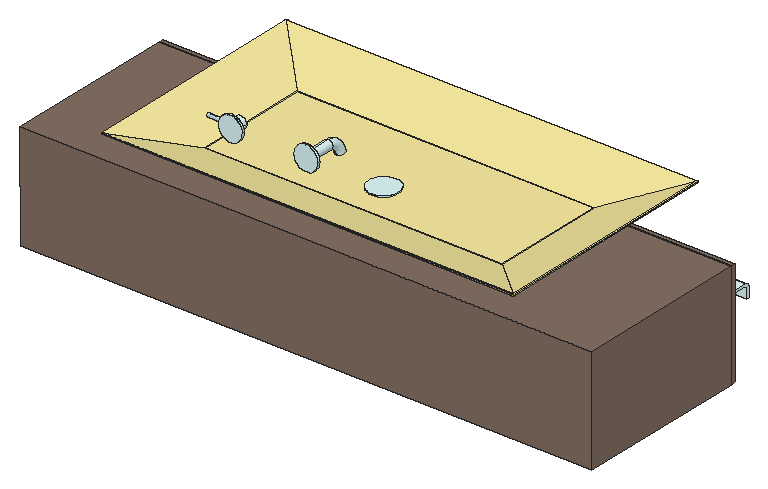
Revit family
Parameters (values of type "1900mm x 645mm")
  Débord du plan droit = 444 mm
  Débord du plan gauche = 444 mm
  Débord du plan = 350 mm
  Robinetterie et tuyauterie = Métal - Chrome
  Matériau - Plan = Bois - Teck
  Manufacturer = ""
  Lavabos = Porcelaine - Jaune
  Tiroir = Bois - Teck
Reference planes
  plane 1 "Mur": y = 0
  plane 2 "Centre (gauche/droite)": x = 12.455
  plane 3 "Arrière": y = 75
  plane 4 "Plan de construction": z = 1234
  plane 5: x = -487.545
  plane 6: x = 512.455
  plane 7: z = 1474
  plane 8: y = 275
  plane 9: x = -237.545
  plane 10: x = 262.455
Forms (mm)
  Extrusion 1, solid, material "Porcelaine - Jaune" <- "Lavabos"
    sketch origin (0, 0, 1234) x (0, 1, 0) y (-1, 0, 0)
      loop
        line (650.211, 477.545) -> (270.211, 477.545) -> (270.211, -502.455) -> (650.211, -502.455) -> (650.211, 477.545)
    from 0 to 13.572
  Extrusion 2, solid, material "Métal - Chrome" <- "Robinetterie et tuyauterie", detail levels medium+fine
    sketch origin (0, 120, 1247.572) x (0, 1, 0) y (-1, 0, 0)
      loop
        circle (275, -12.455) r 50
    from 0 to 3
  Sweep 3, solid, material "Métal - Chrome" <- "Robinetterie et tuyauterie", detail levels medium+fine
    path origin (0, 0, 0) x (1, 0, 0) y (0, 0, 1)
      loop
        line (12.455, 1234) -> (12.455, 1034)
    profile origin (12.455, 0, 1134) x (0, -1, 0) y (1, 0, 0)
      loop
        circle (-395, 0) r 40
  Extrusion 4, solid, material "Métal - Chrome" <- "Robinetterie et tuyauterie"
    sketch origin (-5000, 75, 0) x (-1, 0, 0) y (0, 0, 1)
      loop
        circle (-5012.455, 1474) r 40
    from 0 to 5
  Sweep 5, solid, material "Métal - Chrome" <- "Robinetterie et tuyauterie", detail levels medium+fine
    path origin (12.455, 0, 0) x (0, 1, 0) y (0, 0, 1)
      loop
        line (80, 1474) -> (165, 1474)
        arc (165, 1474) -> (197.121, 1462.383) -> (214.381, 1432.908) r 50.217
    profile origin (12.455, 122.5, 1474) x (0, 0, 1) y (1, 0, 0)
      loop
        circle (0, 0) r 15
  Extrusion 6, solid, material "Métal - Chrome" <- "Robinetterie et tuyauterie", detail levels medium+fine
    sketch origin (-5000, 75, 0) x (-1, 0, 0) y (0, 0, 1)
      loop
        circle (-4762.455, 1474) r 40
    from 0 to 5
  Extrusion 7, solid, material "Métal - Chrome" <- "Robinetterie et tuyauterie", detail levels medium+fine
    sketch origin (-5000, 80, 0) x (-1, 0, 0) y (0, 0, 1)
      loop
        circle (-4762.455, 1474) r 20
    from 0 to 36.076
  Sweep 8, solid, material "Métal - Chrome" <- "Robinetterie et tuyauterie", detail levels medium+fine
    path origin (-5000, 75, 0) x (-1, 0, 0) y (0, 0, 1)
      loop
        line (-4762.455, 1474) -> (-4672.455, 1474)
    profile origin (-282.545, 75, 1474) x (0, 0, 1) y (0, 1, 0)
      loop
        spline (-7.06, 20) -> (-6.819, 19.167) -> (-6.114, 18.391) -> (-4.992, 17.725) -> (-3.53, 17.213) -> (-1.827, 16.892) -> (0, 16.782) -> (1.827, 16.892) -> (3.53, 17.213) -> (4.992, 17.725) -> (6.114, 18.391) -> (6.819, 19.167) -> (7.06, 20)
        spline (7.06, 20) -> (6.819, 20.833) -> (6.114, 21.609) -> (4.992, 22.275) -> (3.53, 22.787) -> (1.827, 23.108) -> (0, 23.218) -> (-1.827, 23.108) -> (-3.53, 22.787) -> (-4.992, 22.275) -> (-6.114, 21.609) -> (-6.819, 20.833) -> (-7.06, 20)
  Extrusion 9, solid, material "Bois - Teck" <- "Matériau - Plan"
    sketch origin (0, 0, 1234) x (0, 1, 0) y (-1, 0, 0)
      loop
        line (75, 931.545) -> (75, -956.455) -> (650.211, -956.455) -> (650.211, 931.545) -> (75, 931.545)
    from -350 to 0
  Sweep 10, solid, material "Porcelaine - Jaune" <- "Lavabos"
    path origin (0, 185.211, 1234) x (0, 1, 0) y (-1, 0, 0)
      loop
        line (465, 477.545) -> (85, 477.545) -> (85, -502.455) -> (465, -502.455) -> (465, 477.545)
    profile origin (12.455, 650.211, 1234) x (0, 1, 0) y (0, 0, 1)
      loop
        line (0, 0) -> (189.209, 70.004)
        arc (189.209, 70.004) -> (189.936, 70.567) -> (190.211, 71.444) r 1.535
        line (190.211, 71.444) -> (190.211, 73.803)
        arc (190.211, 73.803) -> (189.74, 74.727) -> (188.716, 74.889) r 1.142
        line (188.716, 74.889) -> (0, 13.572) -> (0, 0)
  Extrusion 11, solid, material "Bois - Teck" <- "Tiroir", detail levels medium+fine
    sketch origin (-931.545, 650.211, 1234) x (1, 0, 0) y (0, 0, -1)
      loop
        line (1888, 0) -> (1888, 350) -> (0, 350) -> (0, 0) -> (1888, 0)
    from 0 to 15
  Sweep 12, solid, material "Métal - Chrome" <- "Robinetterie et tuyauterie", detail levels medium+fine
    path origin (0, 0, 1234) x (0, 1, 0) y (-1, 0, 0)
      loop
        line (665.211, 931.545) -> (665.211, -956.455)
    profile origin (12.455, 665.211, 1234) x (0, 1, 0) y (0, 0, 1)
      loop
        line (0, -80) -> (0, -85) -> (41.34, -85) -> (50, -90) -> (50, -125) -> (55, -125) -> (55, -90)
        arc (55, -90) -> (52.071, -82.929) -> (45, -80) r 10
        line (45, -80) -> (0, -80)
Cuts and joins
  joined: Extrusion 6, Extrusion 7, Sweep 8
Lines and regions (mm)
  Masking region 1
    outline origin (0, 0, 1234) x (0, 1, 0) y (-1, 0, 0)
      loop
        line (75, 931.545) -> (75, -956.455) -> (720.211, -956.455) -> (720.211, -692.455) -> (840.211, -692.455) -> (840.211, 667.545) -> (720.211, 667.545) -> (720.211, 931.545) -> (75, 931.545)
  symbolic lines
    curve 1: line (-667.545, 720.211, 1234) -> (-667.545, 80.211, 1234)
    curve 2: line (-667.545, 80.211, 1234) -> (692.455, 80.211, 1234)
    curve 3: line (692.455, 80.211, 1234) -> (692.455, 720.211, 1234)
    curve 4: line (-477.545, 650.211, 1234) -> (-477.545, 270.211, 1234)
    curve 5: line (-477.545, 270.211, 1234) -> (502.455, 270.211, 1234)
    curve 6: line (502.455, 270.211, 1234) -> (502.455, 650.211, 1234)
    curve 7: line (502.455, 650.211, 1234) -> (-477.545, 650.211, 1234)
    curve 8: line (-477.545, 270.211, 1234) -> (-667.545, 80.211, 1234)
    curve 9: line (-477.545, 650.211, 1234) -> (-666.261, 838.927, 1234)
    curve 10: line (691.171, 838.927, 1234) -> (502.455, 650.211, 1234)
    curve 11: line (502.455, 270.211, 1234) -> (692.455, 80.211, 1234)
    curve 12: arc (12.455, 345, 1234) -> (62.455, 395, 1234) -> (12.455, 445, 1234) r 50
    curve 13: arc (12.455, 445, 1234) -> (-37.545, 395, 1234) -> (12.455, 345, 1234) r 50
    curve 14: arc (12.455, 355, 1234) -> (52.455, 395, 1234) -> (12.455, 435, 1234) r 40
    curve 15: arc (12.455, 435, 1234) -> (-27.545, 395, 1234) -> (12.455, 355, 1234) r 40
    curve 16: line (-327.545, 91.782, 1234) -> (-327.545, 98.218, 1234)
    curve 17: line (-257.545, 116.076, 1234) -> (-217.545, 116.076, 1234)
    curve 18: spline (-2.418, 212.466, 1234) -> (-2.393, 216.475, 1234) -> (-1.271, 220.329, 1234) -> (0.865, 223.744, 1234) -> (3.857, 226.468, 1234) -> (7.484, 228.298, 1234) -> (11.479, 229.1, 1234) -> (15.546, 228.815, 1234) -> (19.384, 227.463, 1234) -> (22.711, 225.145, 1234) -> (25.28, 222.032, 1234) -> (26.901, 218.353, 1234) -> (27.455, 214.381, 1234)
    curve 19: line (-27.545, 75, 1234) -> (-27.545, 80.211, 1234)
    curve 20: line (52.455, 75, 1234) -> (52.455, 80.211, 1234)
    curve 21: line (-2.418, 212.466, 1234) -> (-2.418, 80.211, 1234)
    curve 22: line (27.455, 214.381, 1234) -> (27.455, 80.211, 1234)
    curve 23: line (-257.545, 116.076, 1234) -> (-257.545, 80.211, 1234)
    curve 24: line (-217.545, 116.076, 1234) -> (-217.545, 80.211, 1234)
    curve 25: line (-327.545, 98.218, 1234) -> (-257.545, 98.218, 1234)
    curve 26: line (-327.545, 91.782, 1234) -> (-257.545, 91.782, 1234)
    curve 27: line (-277.545, 75, 1234) -> (-277.545, 80.211, 1234)
    curve 28: line (-197.545, 75, 1234) -> (-197.545, 80.211, 1234)
Text (mm)
  text "Côté de la mise en place" at (-1848.837, 1116.779, 0), in view "Niveau de réf."
  text "Côté de la mise en place" at (0, 1409.804, 2854.306), in view "Gauche"
  text "Côté de la mise en place" at (0, 499.811, 2980.732), in view "Droite"
Dimensions and locks
  locked: plane 3 "Arrière" to host wall
  equal spacing: plane 5, plane 2 "Centre (gauche/droite)", plane 6
  plane 5 to plane 6 = 1000 mm
  locked: plane 4 "Plan de construction" to plane 7 at 240
  equal spacing: plane 5, plane 9, plane 2 "Centre (gauche/droite)"
  equal spacing: plane 2 "Centre (gauche/droite)", plane 10, plane 6
  "Débord du plan": Extrusion 9 to Extrusion 9
  "Débord du plan droit": Extrusion 9 to plane 5
  "Débord du plan gauche": plane 6 to Extrusion 9
  Sweep 12 to Extrusion 9 = 645.211 mm
  Extrusion 9 to Extrusion 9 = 1888 mm
  aligned and locked: plane 1 "Mur" to host wall
  aligned and locked: Extrusion 9 to plane 4 "Plan de construction"
  aligned and locked: Sweep 12 sketch curve to Extrusion 11
  aligned and locked: Masking region 1 sketch curve to Extrusion 9  (x3)
  aligned and locked: Masking region 1 sketch curve to Sweep 12
  aligned and locked: curve 4 to Extrusion 1
  aligned and locked: curve 5 to Extrusion 1
  aligned and locked: curve 6 to Extrusion 1
  aligned and locked: curve 7 to Extrusion 1
  aligned and locked: curve 8 to Sweep 10
  aligned and locked: curve 9 to Sweep 10
  aligned and locked: curve 10 to Sweep 10
  aligned and locked: curve 11 to Sweep 10
  aligned and locked: curve 12 to Extrusion 2
  aligned and locked: curve 13 to Extrusion 2
  aligned and locked: curve 14 to Sweep 3
  aligned and locked: curve 15 to Sweep 3
  aligned and locked: curve 16 to cut or joined group of Extrusion 6, Extrusion 7, Sweep 8
  aligned and locked: curve 17 to cut or joined group of Extrusion 6, Extrusion 7, Sweep 8
  aligned and locked: Masking region 1 sketch curve to Masking region 1 sketch curve
Automatic sketch dimensions
  host wall to Extrusion 1 sketch curve = 195.211 mm
  plane 5 to Extrusion 1 sketch curve = 10 mm
  Extrusion 1 sketch curve to plane 8 = 375.211 mm
  Extrusion 1 sketch curve to plane 6 = 10 mm
  Extrusion 2 sketch curve to plane 2 "Centre (gauche/droite)" = 0 mm
  Extrusion 2 sketch curve to plane 8 = 120 mm
  Sweep 3 sketch curve to profile plane = 0 mm
  Sweep 3 sketch curve to plane 1 "Mur" = 395 mm
  Sweep 3 sketch curve to plane 2 "Centre (gauche/droite)" = 0 mm
  Sweep 3 sketch curve to plane 4 "Plan de construction" = 0 mm
  Sweep 3 sketch curve to Sweep 3 sketch curve = 200 mm
  Extrusion 4 sketch curve to plane 2 "Centre (gauche/droite)" = 0 mm
  Extrusion 4 sketch curve to plane 7 = 0 mm
  Sweep 5 sketch curve to plane 7 = 0 mm
  Sweep 5 sketch curve to plane 3 "Arrière" = 5 mm
  Sweep 5 sketch curve to plane 3 "Arrière" = 90 mm
  plane 7 to Sweep 5 sketch curve = 41.092 mm
  Sweep 5 sketch curve to Sweep 5 sketch curve = 49.381 mm
  Sweep 5 sketch curve to plane 2 "Centre (gauche/droite)" = 0 mm
  Sweep 5 sketch curve to profile plane = 0 mm
  Extrusion 6 sketch curve to plane 7 = 0 mm
  Extrusion 6 sketch curve to plane 9 = 0 mm
  Extrusion 7 sketch curve to plane 7 = 0 mm
  Extrusion 7 sketch curve to plane 9 = 0 mm
  Sweep 8 sketch curve to plane 7 = 0 mm
  Sweep 8 sketch curve to plane 9 = 0 mm
  Sweep 8 sketch curve to plane 9 = 90 mm
  Sweep 8 sketch curve to profile plane = 0 mm
  profile plane to Sweep 8 sketch curve = 20 mm
  Extrusion 9 sketch curve to host wall = 0 mm
  Extrusion 9 sketch curve to plane 8 = 375.211 mm
  plane 6 to Extrusion 9 sketch curve = 444 mm
  Extrusion 9 sketch curve to plane 5 = 444 mm
  Sweep 10 sketch curve to plane 6 = 10 mm
  Sweep 10 sketch curve to plane 8 = 375.211 mm
  plane 5 to Sweep 10 sketch curve = 10 mm
  Sweep 10 sketch curve to plane 3 "Arrière" = 195.211 mm
  Sweep 10 sketch curve to plane 4 "Plan de construction" = 0 mm
  Sweep 10 sketch curve to profile plane = 0 mm
  Sweep 10 sketch curve to plane 4 "Plan de construction" = 71.444 mm
  Sweep 10 sketch curve to profile plane = 188.676 mm
  Sweep 10 sketch curve to plane 4 "Plan de construction" = 74.889 mm
  Sweep 10 sketch curve to Sweep 10 sketch curve = 0.04 mm
  Sweep 10 sketch curve to Sweep 10 sketch curve = 0.353 mm
  Sweep 10 sketch curve to plane 4 "Plan de construction" = 70.004 mm
  Sweep 10 sketch curve to Sweep 10 sketch curve = 0.533 mm
  Sweep 10 sketch curve to plane 4 "Plan de construction" = 13.572 mm
  Extrusion 11 sketch curve to Extrusion 9 = 0 mm  (x4)
  plane 6 to Sweep 12 sketch curve = 444 mm
  Sweep 12 sketch curve to plane 5 = 444 mm
  Sweep 12 sketch curve to profile plane = 0 mm
  Sweep 12 sketch curve to profile plane = 41.34 mm
  Sweep 12 sketch curve to Sweep 12 sketch curve = 3.66 mm
  Sweep 12 sketch curve to Sweep 12 sketch curve = 5 mm  (x3)
  plane 4 "Plan de construction" to Sweep 12 sketch curve = 125 mm
  Sweep 12 sketch curve to Sweep 12 sketch curve = 35 mm
  Sweep 12 sketch curve to Sweep 12 sketch curve = 0 mm
  Masking region 1 sketch curve to Masking region 1 sketch curve = 120 mm
  plane 6 to Masking region 1 sketch curve = 180 mm
  Masking region 1 sketch curve to plane 5 = 180 mm
  curve 27 to host wall = 0 mm
  curve 19 to host wall = 0 mm
  curve 28 to host wall = 0 mm
  curve 20 to host wall = 0 mm
  curve 18 to plane 2 "Centre (gauche/droite)" = 0 mm
  host wall to curve 2 = 5.211 mm
  host wall to curve 26 = 16.782 mm
  curve 16 to curve 25 = 6.436 mm
  curve 18 to plane 2 "Centre (gauche/droite)" = 14.873 mm
  plane 8 to curve 18 = 62.534 mm
  plane 2 "Centre (gauche/droite)" to curve 22 = 15 mm
  curve 21 to curve 22 = 1.915 mm
  plane 8 to curve 6 = 4.789 mm
  curve 9 to plane 5 = 178.716 mm
  plane 6 to curve 10 = 178.716 mm
  curve 20 to curve 22 = 25 mm
  curve 21 to curve 19 = 25.127 mm
  plane 9 to curve 28 = 40 mm
  plane 9 to curve 17 = 20 mm
  curve 23 to plane 9 = 20 mm
  curve 23 to curve 27 = 20 mm
  curve 3 to curve 10 = 118.716 mm
  curve 1 to curve 9 = 118.716 mm
  radius of Extrusion 2 sketch curve = 50 mm
  radius of Sweep 3 sketch curve = 40 mm
  radius of Extrusion 4 sketch curve = 40 mm
  radius of Sweep 5 sketch curve = 15 mm
  radius of Extrusion 6 sketch curve = 40 mm
  radius of Extrusion 7 sketch curve = 20 mm
